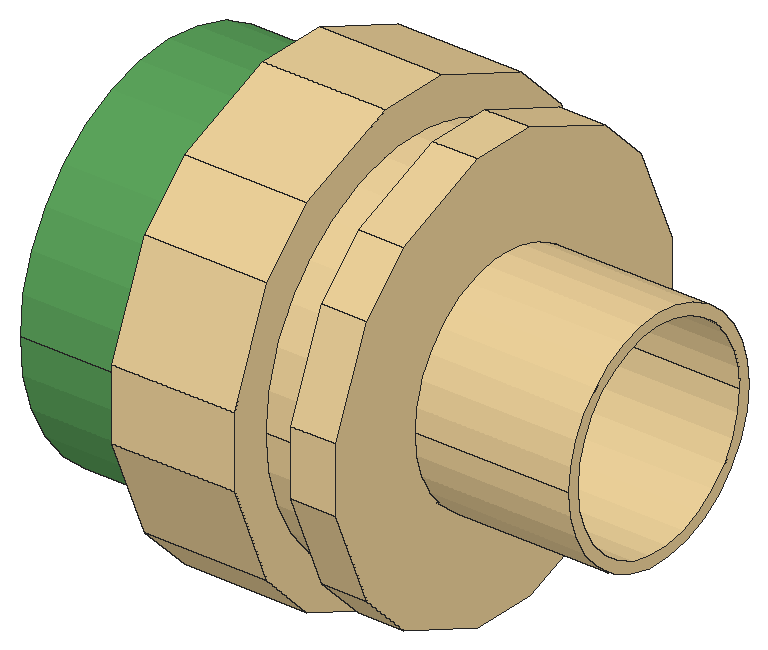
Revit family "Aquatherm_Переходное резьбовое соединение с наружной резьбой", category Соединительные детали трубопроводов, Revit 2019
Family settings
  Размер круглого соединителя = Использовать диаметр
  Тип детали = Переход
  На основе рабочей плоскости = Нет
  Всегда вертикально = Да
  При загрузке вырезать с полостями = Нет
  Общий = Нет
Parameters (values of type "SDR 9")
  Материал_Корпус_2 = AquaTherm латунь pipe
  Материал_Корпус = AquaTherm green pipe
  z2 [instance] = size_lookup("Переходное резьбовое соединение с наружной резьбой", "z2", 18 mm, d, R)  # 19.1 mm
  z [instance] = size_lookup("Переходное резьбовое соединение с наружной резьбой", "z", 18 mm, d, R)  # 49.5 mm
  r [instance] = R - 3 mm  # 29 mm
  n [instance] = z2  # 19.1 mm
  m [instance] = z  # 49.5 mm
  d1 [instance] = R - 8 mm  # 24 mm
  URL = "www.agpipe.ru"
  d [instance] = 40 mm
  SW2' [instance] = SW2 - 1 mm  # 63 mm
  SW2 [instance] = size_lookup("Переходное резьбовое соединение с наружной резьбой", "SW2", 18 mm, d, R)  # 64 mm
  SW1' [instance] = SW1 - 1 mm  # 59 mm
  SW1 [instance] = size_lookup("Переходное резьбовое соединение с наружной резьбой", "SW1", 18 mm, d, R)  # 60 mm
  SDR = 9 mm
  R [instance] = 32 mm
  L [instance] = size_lookup("Переходное резьбовое соединение с наружной резьбой", "L", 18 mm, d, R)  # 70 mm
  D [instance] = size_lookup("Переходное резьбовое соединение с наружной резьбой", "D", 18 mm, d, R)  # 53 mm
  ADSK_Примечание = ""
  ADSK_Позиция [instance] = ""
  ADSK_Обозначение = ""
  ADSK_Наименование [instance] = size_lookup("Переходное резьбовое соединение с наружной резьбой", "ADSK_Наименование", "Нет в каталоге", d, R)  # "Переходное резьбовое соединение с наружной резьбой DN40x1 1/4''"
  ADSK_Масса_Текст [instance] = size_lookup("Переходное резьбовое соединение с наружной резьбой", "ADSK_Масса_Текст", "Нет в каталоге", d, R)  # "0.632"
  ADSK_Код изделия [instance] = size_lookup("Переходное резьбовое соединение с наружной резьбой", "ADSK_Код изделия", "Нет в каталоге", d, R)  # "26614"
  ADSK_Завод-изготовитель = "Aquatherm"  # constant formula
  ADSK_Единица измерения = "шт."  # constant formula
  1 [instance] = 1 = 1  # yes
Types (5, lengths in mm): name | SDR
  (no name) | 9
  SDR 6 | 6
  SDR 7.4 | 7.4
  SDR 9 | 9
  SDR 11 | 11
Reference planes
  plane 1 "По центру (Вперед/Назад)": y = 0
  plane 2: z = 0
  plane 3 "По центру (Влево/Вправо)": x = 0
  plane 4: x = -35
  plane 5: x = 35
  plane 6: x = -14.5
  plane 7: x = 6.45
  plane 8: x = 12.9
  plane 9: x = 15.9
  plane 10: x = -17.5
Forms (mm)
  Extrusion 1, solid, material "AquaTherm green pipe" <- "Материал_Корпус", visible <- "1"
    sketch origin (0, 0, 0) x (0, 1, 0) y (0, 0, 1)
      loop
        circle (0, 0) r 26.5
    from -35 to -9.8
  Extrusion 2, solid, material "AquaTherm латунь pipe" <- "Материал_Корпус_2", visible <- "1"
    sketch origin (0, 0, 0) x (0, 1, 0) y (0, 0, 1)
      loop
        circle (0, 0) r 26.5
    from -9.8 to 6.45
  Extrusion 3, void
    sketch origin (0, 0, 0) x (0, 1, 0) y (0, 0, 1)
      loop
        circle (0, 0) r 16
    from -3.025 to 0.5
  Extrusion 4, void
    sketch origin (0, 0, 0) x (0, 1, 0) y (0, 0, 1)
      loop
        circle (0, 0) r 20
    from -35 to -9.8
  Extrusion 5, void
    sketch origin (0, 0, 0) x (0, 1, 0) y (0, 0, 1)
      loop
        circle (0, 0) r 12
    from -9.8 to 0
  Extrusion 6, solid, material "AquaTherm латунь pipe" <- "Материал_Корпус_2", visible <- "1"
    sketch origin (0, 0, 0) x (0, 1, 0) y (0, 0, 1)
      loop
        circle (0, 0) r 16
    from 6.45 to 35
  Extrusion 7, void
    sketch origin (0, 0, 0) x (0, 1, 0) y (0, 0, 1)
      loop
        circle (0, 0) r 14.5
    from 0.5 to 35
  Extrusion 8, solid, material "AquaTherm латунь pipe" <- "Материал_Корпус_2", visible <- "1"
    sketch origin (0, 0, 0) x (0, 1, 0) y (0, 0, 1)
      loop
        circle (0, 0) r 16
      loop
        line (-12.426, 30) -> (-30, 12.426) -> (-30, -12.426) -> (-12.426, -30) -> (12.426, -30) -> (30, -12.426) -> (30, 12.426) -> (12.426, 30) -> (-12.426, 30)
    from 6.45 to 12.9
  Extrusion 9, void
    sketch origin (0, 0, 0) x (0, 1, 0) y (0, 0, 1)
      loop
        line (0, 31.931) -> (-22.578, 22.578) -> (-31.931, 0) -> (-22.578, -22.578) -> (0, -31.931) -> (22.578, -22.578) -> (31.931, 0) -> (22.578, 22.578) -> (0, 31.931)
      loop
        circle (0, 0) r 53
    from 6.45 to 12.9
  Extrusion 10, solid, material "AquaTherm латунь pipe" <- "Материал_Корпус_2", visible <- "1"
    sketch origin (0, 0, 0) x (0, 1, 0) y (0, 0, 1)
      loop
        line (-13.255, 32) -> (-32, 13.255) -> (-32, -13.255) -> (-13.255, -32) -> (13.255, -32) -> (32, -13.255) -> (32, 13.255) -> (13.255, 32) -> (-13.255, 32)
      loop
        circle (0, 0) r 26.5
    from -17.5 to 0
  Extrusion 11, void
    sketch origin (0, 0, 0) x (0, 1, 0) y (0, 0, 1)
      loop
        line (0, 34.095) -> (-24.109, 24.109) -> (-34.095, 0) -> (-24.109, -24.109) -> (0, -34.095) -> (24.109, -24.109) -> (34.095, 0) -> (24.109, 24.109) -> (0, 34.095)
      loop
        circle (0, 0) r 53
    from -17.5 to 0
Cuts and joins
  Extrusion 4, Extrusion 5 cuts Extrusion 1
  Extrusion 3, Extrusion 4, Extrusion 5, Extrusion 7, Extrusion 9 cuts Extrusion 2
  Extrusion 7 cuts Extrusion 6
  Extrusion 9 cuts Extrusion 8
  Extrusion 11 cuts Extrusion 10
Lines and regions (mm)
  reference lines
    curve 1: line (-14.5, 0, 0) -> (15.9, 0, 0)
Dimensions and locks
  equal spacing: plane 4, plane 3 "По центру (Влево/Вправо)", plane 5
  "L": plane 4 to plane 5
  "m": plane 6 to plane 5
  equal spacing: Extrusion 8 sketch curve, level, Extrusion 8 sketch curve
  "SW1": Extrusion 8 sketch curve to Extrusion 8 sketch curve  (x4)
  equal spacing: Extrusion 8 sketch curve, curve 1, Extrusion 8 sketch curve  (x3)
  equal spacing: Extrusion 9 sketch curve, curve 1, Extrusion 9 sketch curve  (x4)
  "SW1'": Extrusion 9 sketch curve to Extrusion 9 sketch curve  (x4)
  locked: plane 8 to plane 9 at 3
  "n": plane 9 to plane 5
  equal spacing: plane 3 "По центру (Влево/Вправо)", plane 7, plane 8
  locked: plane 10 to plane 6 at 3
  equal spacing: Extrusion 10 sketch curve, level, Extrusion 10 sketch curve
  "SW2": Extrusion 10 sketch curve to Extrusion 10 sketch curve  (x4)
  equal spacing: Extrusion 10 sketch curve, curve 1, Extrusion 10 sketch curve  (x2)
  equal spacing: Extrusion 10 sketch curve, plane 1 "По центру (Вперед/Назад)", Extrusion 10 sketch curve
  equal spacing: Extrusion 11 sketch curve, curve 1, Extrusion 11 sketch curve  (x4)
  "SW2'": Extrusion 11 sketch curve to Extrusion 11 sketch curve  (x4)
  "D": diameter of Extrusion 1 sketch curve
  "D": diameter of Extrusion 2 sketch curve
  "R": diameter of Extrusion 3 sketch curve
  "d": diameter of Extrusion 4 sketch curve
  "d1": diameter of Extrusion 5 sketch curve
  "R": diameter of Extrusion 6 sketch curve
  "r": diameter of Extrusion 7 sketch curve
  "R": diameter of Extrusion 8 sketch curve
  "D": radius of Extrusion 9 sketch curve
  "D": diameter of Extrusion 10 sketch curve
  "D": radius of Extrusion 11 sketch curve
  locked: Extrusion 8 sketch curve to Extrusion 8 sketch curve (angle 135.00°)  (x4)
  locked: Extrusion 9 sketch curve to Extrusion 9 sketch curve (angle 135.00°)  (x4)
  locked: Extrusion 10 sketch curve to Extrusion 10 sketch curve (angle 135.00°)  (x4)
  locked: Extrusion 11 sketch curve to Extrusion 11 sketch curve (angle 135.00°)  (x4)
  aligned and locked: level to plane 2
  aligned and locked: Extrusion 1 to plane 4
  aligned and locked: Extrusion 2 to Extrusion 1
  aligned and locked: Extrusion 4 to plane 4
  aligned and locked: plane 7 to Extrusion 2
  aligned and locked: Extrusion 2 to Extrusion 5
  aligned and locked: Extrusion 4 to Extrusion 2
  aligned and locked: plane 5 to Extrusion 6
  aligned and locked: plane 3 "По центру (Влево/Вправо)" to Extrusion 5
  aligned and locked: Extrusion 7 to Extrusion 3
  aligned and locked: plane 5 to Extrusion 7
  aligned and locked: Extrusion 6 to cut or joined group of Extrusion 2, Extrusion 3, Extrusion 4, Extrusion 5, Extrusion 7, Extrusion 9
  aligned and locked: plane 6 to curve 1
  aligned and locked: plane 8 to Extrusion 8
  aligned and locked: Extrusion 8 to plane 7
  aligned and locked: cut or joined group of Extrusion 8, Extrusion 9 to plane 7
  aligned and locked: plane 8 to Extrusion 9
  aligned and locked: Extrusion 10 to plane 10
  aligned and locked: plane 3 "По центру (Влево/Вправо)" to Extrusion 10
  aligned and locked: Extrusion 11 to plane 10
  aligned and locked: plane 3 "По центру (Влево/Вправо)" to Extrusion 11
  aligned and locked: plane 9 to curve 1
Automatic sketch dimensions
  plane 1 "По центру (Вперед/Назад)" to curve 1 = 0 mm
  Extrusion 1 sketch curve to level = 0 mm
  Extrusion 1 sketch curve to plane 1 "По центру (Вперед/Назад)" = 0 mm
  Extrusion 2 sketch curve to level = 0 mm
  Extrusion 2 sketch curve to plane 1 "По центру (Вперед/Назад)" = 0 mm
  Extrusion 3 sketch curve to level = 0 mm
  Extrusion 3 sketch curve to plane 1 "По центру (Вперед/Назад)" = 0 mm
  Extrusion 4 sketch curve to level = 0 mm
  Extrusion 4 sketch curve to plane 1 "По центру (Вперед/Назад)" = 0 mm
  Extrusion 5 sketch curve to level = 0 mm
  Extrusion 5 sketch curve to plane 1 "По центру (Вперед/Назад)" = 0 mm
  Extrusion 6 sketch curve to level = 0 mm
  Extrusion 6 sketch curve to plane 1 "По центру (Вперед/Назад)" = 0 mm
  Extrusion 7 sketch curve to level = 0 mm
  Extrusion 7 sketch curve to plane 1 "По центру (Вперед/Назад)" = 0 mm
  Extrusion 8 sketch curve to level = 0 mm
  Extrusion 8 sketch curve to plane 1 "По центру (Вперед/Назад)" = 0 mm
  Extrusion 9 sketch curve to plane 1 "По центру (Вперед/Назад)" = 0 mm  (x2)
  Extrusion 9 sketch curve to level = 0 mm  (x2)
  Extrusion 10 sketch curve to level = 0 mm
  Extrusion 10 sketch curve to plane 1 "По центру (Вперед/Назад)" = 0 mm
  Extrusion 11 sketch curve to plane 1 "По центру (Вперед/Назад)" = 0 mm  (x2)
  Extrusion 11 sketch curve to level = 0 mm  (x2)
Connectors
  piping at (-14.5, 0, 0), diameter 40, driven by "d"
    settings: on curve 1, index 1, connector inside diameter 609.6 mm, connector length 0 mm, flow factor 0, pipe flow 0.0 L/s, pressure drop 0.0 Pa, fitting loss kfactor 0, connector angle 0.00°, fixture units 0, engagement length 0 mm, angle of deflection 0.00°, flow configuration 0, flow direction 0, fitting loss method 0, system type 28, joint type 0, gender type 0, connector reference index 2, connector utility 0, adjustable connector no, is connector primary yes, connector description ""
  piping at (15.9, 0, 0), diameter 32, driven by "R"
    settings: on curve 1, index 2, connector inside diameter 609.6 mm, connector length 0 mm, flow factor 0, pipe flow 0.0 L/s, pressure drop 0.0 Pa, fitting loss kfactor 0, connector angle 0.00°, fixture units 0, engagement length 0 mm, angle of deflection 0.00°, flow configuration 0, flow direction 0, fitting loss method 0, system type 28, joint type 0, gender type 0, connector reference index 1, connector utility 0, adjustable connector no, is connector primary no, connector description ""
